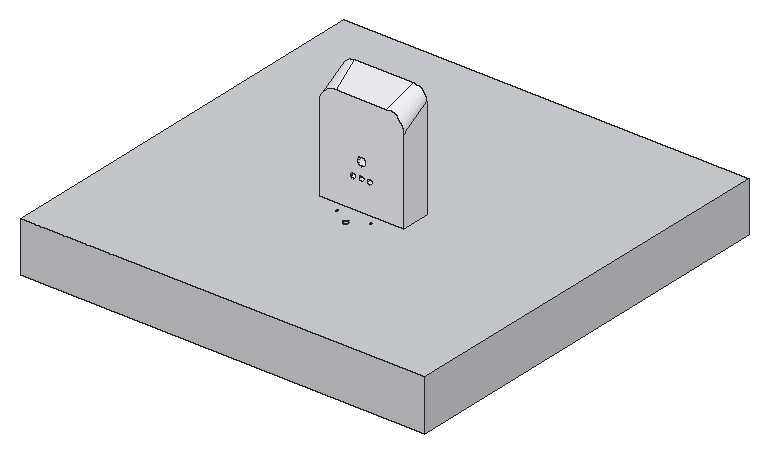
Revit family
Parameters (values of type "9140.013")
  Waste Connection = yes
  WFU = 0
  Vent Connection = no
  URL = "http://www.americanstandard-us.com"
  Sink Material = Vitreous China
  Revised Date = "09/12/2011"
  Product URL = "http://www.americanstandard-us.com/products/productDetail.aspx?id=107"
  Phone # = "416-250-5656"
  Model = "9140.013"
  Manufacturer = "American Standard"
  HWFU = 0
  HW Connection = yes
  Designed By = "ATS BIM Team"
  Description = "'WHEELCHAIR BASIN', 10-1/2\" (267mm) centres, 27\" x 20\" x 3 - 6-1/2\" (686mm x 508mm x 76 - 165mm) deep, wall hung, vitreous china, flat slab, low front lip for wheelchair access, front overflow, for concealed arm support"
  Default Elevation = 2' - 10"
  CWFU = 0
  CW Connection = yes
  Assembly Code = "D2010310"
Reference planes (in)
  plane 1 "Center (Front/Back)": y = 0
  plane 2: z = 0
  plane 3 "Center (Left/Right)": x = 0
  plane 4: z = 27
  plane 5: x = 10
  plane 6: x = -10
  plane 7: z = 24
  plane 8 "Drain Location": z = 10.75
  plane 9: x = 7.5
  plane 10: x = -7.5
  plane 11: z = 9
  plane 12: y = -3
  plane 13: y = -6.625
  plane 14: z = 7.125
  plane 15: x = 2
  plane 16: x = -2
  plane 17: y = -3.3125
  plane 18: y = -11.4375
  plane 19: y = -9
  plane 20: x = 4
  plane 21: x = -4
Forms (in)
  Extrusion 1, solid
    sketch origin (0, 0, 0) x (1, 0, 0) y (0, 1, 0)
      loop
        line (-48, 48) -> (-48, -48) -> (48, -48) -> (48, 48) -> (-48, 48)
    from 0 to -12
  SweptBlend 2, solid, material "Vitreous China" <- "Sink Material"
    path origin (0, 0, 0) x (1, 0, 0) y (0, 1, 0)
      loop
        line (0, 0) -> (0, -6.625)
    profile origin (0, 0, 0) x (1, 0, 0) y (0, 0, 1)
      loop
        line (-10, 0) -> (10, 0) -> (10, 24)
        arc (10, 24) -> (9.12132, 26.12132) -> (7, 27) r 3
        line (7, 27) -> (-7, 27)
        arc (-7, 27) -> (-9.12132, 26.12132) -> (-10, 24) r 3
        line (-10, 24) -> (-10, 0)
    end profile origin (0, -6.625, 0) x (1, 0, 0) y (0, 0, 1)
      loop
        line (-10, 0) -> (10, 0) -> (10, 20)
        arc (10, 20) -> (8.82843, 22.82843) -> (6, 24) r 4
        line (6, 24) -> (-6, 24)
        arc (-6, 24) -> (-8.82843, 22.82843) -> (-10, 20) r 4
        line (-10, 20) -> (-10, 0)
  SweptBlend 3, void
    path origin (0, 0, 0) x (1, 0, 0) y (0, 1, 0)
      loop
        line (0, 0) -> (0, -3)
    profile origin (0, 0, 0) x (1, 0, 0) y (0, 0, 1)
      loop
        line (6.72869, 24) -> (-6.72869, 24)
        arc (-6.72869, 24) -> (-7.26896, 23.7702) -> (-7.47815, 23.22162) r 0.75
        arc (-7.47815, 23.22162) -> (-6.95447, 18.12365) -> (-5.77922, 13.13543) r 39.74832
        arc (-5.77922, 13.13543) -> (0, 8.85541) -> (5.77922, 13.13543) r 6.04179
        arc (5.77922, 13.13543) -> (6.95447, 18.12365) -> (7.47815, 23.22162) r 39.74832
        arc (7.47815, 23.22162) -> (7.26896, 23.7702) -> (6.72869, 24) r 0.75
    end profile origin (0, -3, 0) x (1, 0, 0) y (0, 0, 1)
      loop
        arc (6.85137, 22.51573) -> (6.69551, 22.85072) -> (6.35218, 22.98723) r 0.5
        line (6.35218, 22.98723) -> (-6.35218, 22.98723)
        arc (-6.35218, 22.98723) -> (-6.69551, 22.85072) -> (-6.85137, 22.51573) r 0.5
        arc (-6.85137, 22.51573) -> (-6.71894, 17.80477) -> (-5.79009, 13.18438) r 27.70929
        arc (-5.79009, 13.18438) -> (0, 8.84063) -> (5.79009, 13.18438) r 6.03088
        arc (5.79009, 13.18438) -> (6.71894, 17.80477) -> (6.85137, 22.51573) r 27.70929
  Extrusion 4, void
    sketch origin (0, -3, 22.51573) x (0, 0, 1) y (1, 0, 0)
      loop
        circle (-11.76573, 0) r 1
    from 0 to -3.625
  Extrusion 5, void
    sketch origin (0, 0, 0) x (-1, 0, 0) y (0, 0, 1)
      loop
        circle (-2, 7.125) r 0.625
      loop
        circle (0, 7.125) r 0.625
      loop
        circle (2, 7.125) r 0.625
    from 0 to -6.625
  Extrusion 6, solid, material "Polished Chrome"
    sketch origin (0, 0, 0) x (1, 0, 0) y (0, 1, 0)
      loop
        circle (4, -9) r 0.1875
      loop
        circle (0, -11.4375) r 0.625
      loop
        circle (-4, -9) r 0.1875
    from 0 to -0.25
Cuts and joins
  SweptBlend 3, Extrusion 4, Extrusion 5 cuts SweptBlend 2
Dimensions and locks (in)
  locked: plane 12 to plane 1 "Center (Front/Back)" at 3
  locked: plane 17 to plane 1 "Center (Front/Back)" at 3.3125
  plane 16 to plane 3 "Center (Left/Right)" to plane 15 = 0' - 2" locked, 0' - 2" locked
  locked: plane 18 to plane 1 "Center (Front/Back)" at 11.4375
  locked: plane 19 to plane 1 "Center (Front/Back)" at 9
  locked: plane 18 to Extrusion 6 sketch curve at 0
  locked: plane 3 "Center (Left/Right)" to Extrusion 6 sketch curve at 0
  locked: plane 20 to Extrusion 6 sketch curve at 0
  locked: Extrusion 6 sketch curve to plane 21 at 0
  locked: plane 19 to Extrusion 6 sketch curve at 0  (x2)
  locked: plane 2 to Extrusion 6 at 0.25
  locked: Extrusion 6 sketch curve to Extrusion 6 sketch curve (radius 0' - 0 5/8")
  locked: Extrusion 6 sketch curve to Extrusion 6 sketch curve (radius 0' - 0 3/16")  (x2)
  aligned and locked: plane 2 to Extrusion 1
  aligned and locked: level to Extrusion 1
  aligned and locked: plane 12 to cut or joined group of SweptBlend 2, SweptBlend 3, Extrusion 4, Extrusion 5
  aligned and locked: plane 13 to cut or joined group of SweptBlend 2, SweptBlend 3, Extrusion 4, Extrusion 5
  aligned and locked: cut or joined group of SweptBlend 2, SweptBlend 3, Extrusion 4, Extrusion 5 to plane 12
  aligned and locked: Extrusion 5 to plane 1 "Center (Front/Back)"
  aligned and locked: SweptBlend 2 to Extrusion 5
  aligned and locked: plane 2 to Extrusion 6
Connectors (in)
  piping at (0, -11.4375, 0), driven by "WFU"
    settings: on Extrusion 6, index 1
  piping at (-4, -9, 0), driven by "HWFU"
    settings: on Extrusion 6, index 2
  piping at (4, -9, 0), driven by "CWFU"
    settings: on Extrusion 6, index 3
